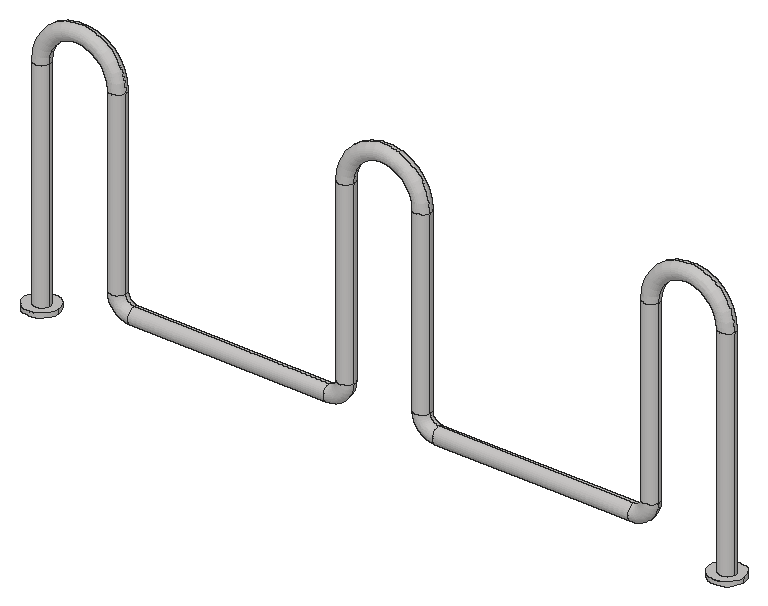
Revit family "Bicycle-Racks_Huntco_HR6", category Site, host Face, Revit 2026
Family settings
  Host = Face
  Round Connector Dimension = Use Diameter
  Part Type = Normal
  Classification Number = 23.40.10.11.11
  Cut with Voids When Loaded = No
  Shared = No
Parameters
  holediameter = if(Flange Mounted, 0' 0 1/2", if(Freestanding, 0' 0 1/32", 0' 6"))  # 0' - 0 1/2"
  holedepth = if(Flange Mounted, 0' 4", if(Freestanding, 0' 0 1/32", 1' 0"))  # 0' - 4"
  flangevisible = not(Embedded Mounted)  # yes
  flangeheight = if(Exposed Flange, 0' 0 1/2", 0' 1 1/4")  # 0' - 0 1/2"
  extralength = if(or(Freestanding, Flange Mounted), 0' 0", 0' 11")  # 0' - 0"
  Warranty Duration (Years) = 0
  Unit Width = 0' - 1 115/128"
  Unit Weight = 0
  Unit Length = 7' - 0"
  Unit Depth = 2' - 8"
  URL = "http://www.huntco.com/"
  Test Data = ""
  Specification = "http://www.arcat.com/sdspecs/htm/02871hco.htm"
  SpecWizard = ""
  Send Message = "http://www.arcat.com/users.pl?action=UserEmail&company=Huntco+Supply+LLC&coid=39482&rep=133&fax=503-274-2055&mf="
  Sales Information = ""
  Revision = "R1_11_2012"
  Product Properties = ""
  Product Data = "http://www.arcat.com/arcatcos/cos39/arc39482.html"
  Model = "HR 6"
  Material Finish = Metal - Steel - Huntco - Stainless
  Manufacturer Website = "http://www.huntco.com/"
  Manufacturer Phone - Toll Free = "800-547-5909"
  Manufacturer Phone = "503-224-8700"
  Manufacturer Fax = "503-274-2055"
  Manufacturer Address = "Huntco Supply LLC P. O. Box 10385 Portland, OR 97296"
  Manufacturer = "Huntco Supply LLC"
  Maintenance Schedule (Months) = 0
  Keynote = "02871"
  Installation-Fabrication = ""
  Installation Phase = ""
  Green Building-LEED = "http://www.arcat.com/green/clients/leed_data_39482.html"
  Freestanding = yes
  Embedded Mounted = not(or(Freestanding, Flange Mounted))  # no
  Flange Mounted = yes
  Exposed Flange = yes
  Expected Lifespan (Years) = 0
  Drawn By = "Sumex Design, Inc. / Robert S. Weygant, CSI, CDT, SCIP"
  Description = "Huntco HR Series Bike Rack - Model HR 6"
  Default Elevation = 4' - 0"
  Covered Flange = not(Exposed Flange)  # no
  Copyright = "©Arcat Inc."
  Construction Details = "http://www.arcat.com/details/huntcosu/huntcosu.html?coid=39482"
  Capacity = "6 Bikes"
  Building Codes = ""
  Assembly Code = "G2040500"
Reference planes (in)
  plane 1 "Center (Front/Back)": y = 0
  plane 2: z = 0
  plane 3 "Center (Left/Right)": x = 0
  plane 4: y = 0.94922
  plane 5: y = -0.94922
  plane 6: x = -42
  plane 7: x = 42
  plane 8: z = 32
  plane 9: x = -41.05078
  plane 10: x = 41.05078
  plane 11: z = 0.5
  plane 12: z = 0
  plane 13: z = -4
Forms (in)
  Extrusion 1, solid, material "Metal - Steel - Huntco - Stainless" <- "Material Finish", visible <- "flangevisible"
    sketch origin (0, 0, 0) x (1, 0, 0) y (0, 1, 0)
      loop
        circle (-41.05078, 0) r 2
      loop
        circle (41.05078, 0) r 2
    from 0 to 0.5
  Sweep 2, solid, material "Metal - Steel - Huntco - Stainless" <- "Material Finish"
    path origin (0, 0, 0) x (1, 0, 0) y (0, 0, 1)
      loop
        line (-41.05078, 0) -> (-41.05078, 26.5)
        arc (-41.05078, 26.5) -> (-36.5, 31.05078) -> (-31.94922, 26.5) r 4.55078
        line (-31.94922, 26.5) -> (-31.94922, 5)
        arc (-31.94922, 5) -> (-31.36343, 3.58579) -> (-29.94922, 3) r 2
        line (-29.94922, 3) -> (-6.55078, 3)
        arc (-6.55078, 3) -> (-5.13657, 3.58579) -> (-4.55078, 5) r 2
        line (-4.55078, 5) -> (-4.55078, 26.5)
        arc (-4.55078, 26.5) -> (0, 31.05078) -> (4.55078, 26.5) r 4.55078
        line (4.55078, 26.5) -> (4.55078, 5)
        arc (4.55078, 5) -> (5.13657, 3.58579) -> (6.55078, 3) r 2
        line (6.55078, 3) -> (29.94922, 3)
        arc (29.94922, 3) -> (31.36343, 3.58579) -> (31.94922, 5) r 2
        line (31.94922, 5) -> (31.94922, 26.5)
        arc (31.94922, 26.5) -> (36.5, 31.05078) -> (41.05078, 26.5) r 4.55078
        line (41.05078, 26.5) -> (41.05078, 0)
    profile origin (-41.05078, 0, 13.25) x (-1, 0, 0) y (0, -1, 0)
      loop
        circle (0, 0) r 0.94922
  Extrusion 3, void
    sketch origin (0, 0, 0) x (1, 0, 0) y (0, 1, 0)
      loop
        circle (-41.05078, 0) r 0.25
      loop
        circle (41.05078, 0) r 0.25
    from -4 to 1.16384
Dimensions and locks (in)
  "Unit Depth": plane 8 to level
  equal spacing: plane 4, plane 1 "Center (Front/Back)", plane 5
  "Unit Width": plane 4 to plane 5
  equal spacing: plane 7, plane 3 "Center (Left/Right)", plane 6
  "Unit Length": plane 7 to plane 6
  locked: plane 9 to plane 6 at 0.94922
  locked: plane 7 to plane 10 at 0.94922
  plane 10 to plane 9 = 6' - 10 13/128"
  locked: plane 6 to Extrusion 1 sketch curve at 0.94922
  locked: Extrusion 1 sketch curve to plane 7 at 0.94922
  locked: plane 8 to Sweep 2 sketch curve at 0.94922  (x2)
  locked: Sweep 2 sketch curve to plane 2 at 3
  "extralength": host face to plane 12
  "holedepth": host face to plane 13
  "flangeheight": plane 11 to host face
  locked: Sweep 2 sketch curve to host face at 3
  locked: plane 6 to Extrusion 3 sketch curve at 0.94922
  locked: Extrusion 3 sketch curve to plane 7 at 0.94922
  "holediameter": Extrusion 3 sketch curve to Extrusion 3 sketch curve  (x2)
  radius of Sweep 2 sketch curve = 0' - 0 243/256"
  aligned and locked: plane 2 to host face
  aligned and locked: level to host face
  aligned and locked: plane 9 to Sweep 2 sketch curve
  aligned and locked: plane 10 to Sweep 2 sketch curve
  aligned and locked: plane 11 to Extrusion 1
  aligned and locked: plane 12 to Sweep 2 sketch curve  (x2)
  aligned and locked: Extrusion 3 to plane 13
Automatic sketch dimensions
  host sketch curve to host sketch curve = 8' - 0"  (x2)
  Extrusion 1 sketch curve to plane 1 "Center (Front/Back)" = 0' - 0"  (x2)
  Sweep 2 sketch curve to plane 1 "Center (Front/Back)" = 0' - 0"
  Sweep 2 sketch curve to profile plane = 0' - 0"
  Sweep 2 sketch curve to plane 3 "Center (Left/Right)" = 0' - 0"
  Sweep 2 sketch curve to Sweep 2 sketch curve = 0' - 4 141/256"
  Sweep 2 sketch curve to Sweep 2 sketch curve = 0' - 2"  (x4)
  Sweep 2 sketch curve to plane 3 "Center (Left/Right)" = 0' - 6 141/256"
  Sweep 2 sketch curve to plane 10 = 0' - 11 13/128"
  Sweep 2 sketch curve to plane 8 = 0' - 5 1/2"
  Extrusion 3 sketch curve to plane 1 "Center (Front/Back)" = 0' - 0"  (x2)
  radius of Extrusion 1 sketch curve = 0' - 2"  (x2)
